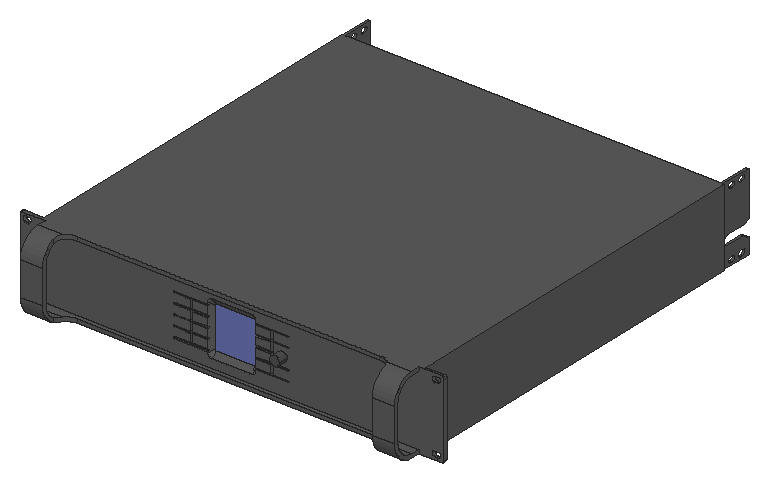
Revit family "PLM 5k44", category Communication Devices, Revit 2020 (continued)
Lines and regions (mm)
  model lines, style "LAGER_1"
    curve 89: line (-115.773, -3.2, 42.157) -> (-115.475, -3.2, 42.157)
    curve 90: line (-113.621, -3.2, 43.903) -> (-115.301, -3.2, 43.903)
    curve 91: line (-112.549, -3.2, 44.03) -> (-113.621, -3.2, 43.903)
    curve 92: line (-112.538, -3.2, 45.15) -> (-112.549, -3.2, 44.03)
    curve 93: line (-113.621, -3.2, 45.282) -> (-112.538, -3.2, 45.15)
    curve 94: line (-115.301, -3.2, 45.282) -> (-113.621, -3.2, 45.282)
    curve 95: line (-115.388, -3.2, 43.989) -> (-115.388, -3.2, 45.196)
    curve 96: line (-111.583, -3.2, 42.243) -> (-111.583, -3.2, 45.609)
    curve 97: line (-108.199, -3.2, 42.157) -> (-111.496, -3.2, 42.157)
    curve 98: line (-108.112, -3.2, 42.484) -> (-108.112, -3.2, 42.243)
    curve 99: line (-111.024, -3.2, 42.57) -> (-108.199, -3.2, 42.57)
    curve 100: line (-111.11, -3.2, 43.699) -> (-111.11, -3.2, 42.657)
    curve 101: line (-108.332, -3.2, 43.785) -> (-111.024, -3.2, 43.785)
    curve 102: line (-108.246, -3.2, 44.113) -> (-108.246, -3.2, 43.872)
    curve 103: line (-111.024, -3.2, 44.2) -> (-108.332, -3.2, 44.2)
    curve 104: line (-111.11, -3.2, 45.195) -> (-111.11, -3.2, 44.286)
    curve 105: line (-108.204, -3.2, 45.282) -> (-111.024, -3.2, 45.282)
    curve 106: line (-108.117, -3.2, 45.609) -> (-108.117, -3.2, 45.369)
    curve 107: line (-111.496, -3.2, 45.696) -> (-108.204, -3.2, 45.696)
    curve 108: line (-107.692, -3.2, 45.696) -> (-107.08, -3.2, 45.696)
    curve 109: line (-107.778, -3.2, 42.243) -> (-107.778, -3.2, 45.609)
    curve 110: line (-107.393, -3.2, 42.157) -> (-107.692, -3.2, 42.157)
    curve 111: line (-107.306, -3.2, 45.169) -> (-107.306, -3.2, 42.243)
    curve 112: line (-107.138, -3.2, 45.194) -> (-107.306, -3.2, 45.169)
    curve 113: line (-104.178, -3.2, 42.218) -> (-107.138, -3.2, 45.194)
    curve 114: line (-104.03, -3.2, 42.157) -> (-104.178, -3.2, 42.218)
    curve 115: line (-103.402, -3.2, 42.157) -> (-104.03, -3.2, 42.157)
    curve 116: line (-103.316, -3.2, 45.609) -> (-103.316, -3.2, 42.243)
    curve 117: line (-103.701, -3.2, 45.696) -> (-103.402, -3.2, 45.696)
    curve 118: line (-103.788, -3.2, 42.679) -> (-103.788, -3.2, 45.609)
    curve 119: line (-103.961, -3.2, 42.653) -> (-103.788, -3.2, 42.679)
    curve 120: line (-106.932, -3.2, 45.634) -> (-103.961, -3.2, 42.653)
    curve 121: line (-107.08, -3.2, 45.696) -> (-106.932, -3.2, 45.634)
    curve 122: line (-142.626, -3.2, 43.474) -> (-141.717, -3.2, 45.075)
    curve 123: line (-140.767, -3.2, 43.474) -> (-142.626, -3.2, 43.474)
    curve 124: line (-141.668, -3.2, 45.075) -> (-140.767, -3.2, 43.474)
    curve 125: line (-139.386, -3.2, 42.383) -> (-141.198, -3.2, 45.59)
    curve 126: line (-139.535, -3.2, 42.128) -> (-139.386, -3.2, 42.383)
    curve 127: line (-139.867, -3.2, 42.128) -> (-139.535, -3.2, 42.128)
    curve 128: line (-140.098, -3.2, 42.263) -> (-139.867, -3.2, 42.128)
    curve 129: line (-140.412, -3.2, 42.826) -> (-140.098, -3.2, 42.263)
    curve 130: line (-142.969, -3.2, 42.837) -> (-140.43, -3.2, 42.837)
    curve 131: line (-143.302, -3.2, 42.263) -> (-142.987, -3.2, 42.826)
    curve 132: line (-143.532, -3.2, 42.128) -> (-143.302, -3.2, 42.263)
    curve 133: line (-143.875, -3.2, 42.128) -> (-143.532, -3.2, 42.128)
    curve 134: line (-144.027, -3.2, 42.211) -> (-143.875, -3.2, 42.128)
    curve 135: line (-144.024, -3.2, 42.384) -> (-144.027, -3.2, 42.211)
    curve 136: line (-143.767, -3.2, 42.837) -> (-144.024, -3.2, 42.384)
    curve 137: line (-145.902, -3.2, 42.837) -> (-143.767, -3.2, 42.837)
    curve 138: line (-146.106, -3.2, 43.042) -> (-145.902, -3.2, 42.837)
    curve 139: line (-146.106, -3.2, 45.519) -> (-146.106, -3.2, 43.042)
    curve 140: line (-145.902, -3.2, 45.724) -> (-146.106, -3.2, 45.519)
    curve 141: line (-145.619, -3.2, 45.724) -> (-145.902, -3.2, 45.724)
    curve 142: line (-145.414, -3.2, 45.519) -> (-145.619, -3.2, 45.724)
    curve 143: line (-145.414, -3.2, 43.475) -> (-145.414, -3.2, 45.519)
    curve 144: line (-143.417, -3.2, 43.475) -> (-145.414, -3.2, 43.475)
    curve 145: line (-142.206, -3.2, 45.591) -> (-143.399, -3.2, 43.486)
    curve 146: line (-141.976, -3.2, 45.724) -> (-142.206, -3.2, 45.591)
    curve 147: line (-141.428, -3.2, 45.724) -> (-141.976, -3.2, 45.724)
    curve 148: line (-141.198, -3.2, 45.59) -> (-141.428, -3.2, 45.724)
    curve 149: line (-136.296, -3.2, 45.002) -> (-136.214, -3.2, 44.681)
    curve 150: line (-137.148, -3.2, 45.082) -> (-136.296, -3.2, 45.002)
    curve 151: line (-138.802, -3.2, 45.082) -> (-137.148, -3.2, 45.082)
    curve 152: line (-138.802, -3.2, 44.276) -> (-138.802, -3.2, 45.082)
    curve 153: line (-137.148, -3.2, 44.276) -> (-138.802, -3.2, 44.276)
    curve 154: line (-136.331, -3.2, 44.348) -> (-137.148, -3.2, 44.276)
    curve 155: line (-136.214, -3.2, 44.681) -> (-136.331, -3.2, 44.348)
    curve 156: line (-135.598, -3.2, 42.416) -> (-135.742, -3.2, 44.034)
    curve 157: line (-137.148, -3.2, 42.115) -> (-135.598, -3.2, 42.416)
    curve 158: line (-138.528, -3.2, 42.115) -> (-137.148, -3.2, 42.115)
    curve 159: line (-138.618, -3.2, 42.321) -> (-138.528, -3.2, 42.115)
    curve 160: line (-137.148, -3.2, 42.755) -> (-138.618, -3.2, 42.321)
    curve 161: line (-136.176, -3.2, 43.548) -> (-137.148, -3.2, 42.755)
    curve 162: line (-137.148, -3.2, 43.636) -> (-136.176, -3.2, 43.548)
    curve 163: line (-138.804, -3.2, 43.636) -> (-137.148, -3.2, 43.636)
    curve 164: line (-138.804, -3.2, 42.934) -> (-138.804, -3.2, 43.636)
    curve 165: line (-139.024, -3.2, 42.842) -> (-138.804, -3.2, 42.934)
    curve 166: line (-139.395, -3.2, 43.471) -> (-139.024, -3.2, 42.842)
    curve 167: line (-139.497, -3.2, 43.701) -> (-139.395, -3.2, 43.471)
    curve 168: line (-139.497, -3.2, 45.516) -> (-139.497, -3.2, 43.701)
    curve 169: line (-139.291, -3.2, 45.721) -> (-139.497, -3.2, 45.516)
    curve 170: line (-137.23, -3.2, 45.721) -> (-139.291, -3.2, 45.721)
    curve 171: line (-137.063, -3.2, 45.72) -> (-137.23, -3.2, 45.721)
    curve 172: line (-136.372, -3.2, 45.7) -> (-137.063, -3.2, 45.72)
    curve 173: line (-135.62, -3.2, 45.265) -> (-136.372, -3.2, 45.7)
    curve 174: line (-135.742, -3.2, 44.034) -> (-135.62, -3.2, 45.265)
  model lines, style "TRYCK"
    curve 175: line (33.323, -3.2, 59.341) -> (30.402, -3.2, 59.341)
    curve 176: line (30.402, -3.2, 63.304) -> (33.323, -3.2, 63.304)
    curve 177: line (33.323, -3.2, 47.912) -> (30.402, -3.2, 47.912)
    curve 178: line (30.402, -3.2, 51.874) -> (33.323, -3.2, 51.874)
    curve 179: line (33.323, -3.2, 36.481) -> (30.402, -3.2, 36.481)
    curve 180: line (30.402, -3.2, 40.444) -> (33.323, -3.2, 40.444)
    curve 181: line (33.323, -3.2, 25.051) -> (30.402, -3.2, 25.051)
    curve 182: line (30.402, -3.2, 29.014) -> (33.323, -3.2, 29.014)
    curve 183: line (-30.176, -3.2, 59.341) -> (-33.097, -3.2, 59.341)
    curve 184: line (-33.097, -3.2, 63.304) -> (-30.176, -3.2, 63.304)
    curve 185: line (-30.176, -3.2, 47.912) -> (-33.097, -3.2, 47.912)
    curve 186: line (-33.097, -3.2, 51.874) -> (-30.176, -3.2, 51.874)
    curve 187: line (-30.176, -3.2, 36.481) -> (-33.097, -3.2, 36.481)
    curve 188: line (-33.097, -3.2, 40.444) -> (-30.176, -3.2, 40.444)
    curve 189: line (-30.176, -3.2, 25.051) -> (-33.097, -3.2, 25.051)
    curve 190: line (-33.097, -3.2, 29.014) -> (-30.176, -3.2, 29.014)
    curve 191: line (49.748, -3.2, 9.12) -> (47.891, -3.2, 9.189)
    curve 192: line (48.406, -3.2, 9.035) -> (49.748, -3.2, 9.035)
    curve 193: line (48.848, -3.2, 8.424) -> (48.406, -3.2, 9.035)
    curve 194: line (49.2, -3.2, 8.706) -> (48.848, -3.2, 8.424)
    curve 195: line (49.724, -3.2, 8.706) -> (49.2, -3.2, 8.706)
    curve 196: line (47.891, -3.2, 9.189) -> (49.724, -3.2, 8.706)
    curve 197: line (48.421, -3.2, 9.458) -> (49.219, -3.2, 9.458)
    curve 198: line (49.219, -3.2, 9.458) -> (48.421, -3.2, 9.458)
    curve 199: line (44.324, -3.2, 9.44) -> (43.595, -3.2, 8.627)
    curve 200: line (44.153, -3.2, 9.635) -> (44.324, -3.2, 9.44)
    curve 201: line (43.656, -3.2, 9.635) -> (44.153, -3.2, 9.635)
    curve 202: line (45.195, -3.2, 10.208) -> (43.656, -3.2, 9.635)
    curve 203: line (45.321, -3.2, 8.6) -> (45.195, -3.2, 10.208)
    curve 204: line (45.433, -3.2, 8.038) -> (45.321, -3.2, 8.6)
    curve 205: line (44.876, -3.2, 7.946) -> (45.433, -3.2, 7.946)
    curve 206: line (44.83, -3.2, 8.261) -> (44.844, -3.2, 8.08)
    curve 207: line (43.595, -3.2, 8.627) -> (44.83, -3.2, 8.261)
    curve 208: line (44.751, -3.2, 8.604) -> (44.362, -3.2, 8.363)
    curve 209: line (44.812, -3.2, 8.929) -> (44.751, -3.2, 8.604)
    curve 210: line (44.812, -3.2, 9.169) -> (44.812, -3.2, 8.929)
    curve 211: line (44.575, -3.2, 9.063) -> (44.812, -3.2, 9.169)
    curve 212: line (44.116, -3.2, 8.6) -> (44.575, -3.2, 9.063)
    curve 213: line (44.362, -3.2, 8.363) -> (44.116, -3.2, 8.6)
    curve 214: line (106.569, -3.2, 43.955) -> (107.398, -3.2, 44.672)
    curve 215: line (104.504, -3.2, 43.955) -> (106.569, -3.2, 43.955)
    curve 216: line (104.504, -3.2, 45.295) -> (104.504, -3.2, 43.955)
    curve 217: line (106.796, -3.2, 45.295) -> (104.504, -3.2, 45.295)
    curve 218: line (107.27, -3.2, 45.156) -> (106.796, -3.2, 45.295)
    curve 219: line (107.398, -3.2, 44.672) -> (107.27, -3.2, 45.156)
    curve 220: line (106.834, -3.2, 45.631) -> (107.812, -3.2, 44.692)
    curve 221: line (104.102, -3.2, 45.631) -> (106.834, -3.2, 45.631)
    curve 222: line (104.102, -3.2, 42.335) -> (104.102, -3.2, 45.631)
    curve 223: line (104.504, -3.2, 42.335) -> (104.102, -3.2, 42.335)
    curve 224: line (104.504, -3.2, 43.625) -> (104.504, -3.2, 42.335)
    curve 225: line (106.81, -3.2, 43.625) -> (104.504, -3.2, 43.625)
    curve 226: line (107.617, -3.2, 43.857) -> (106.81, -3.2, 43.625)
    curve 227: line (107.772, -3.2, 44.193) -> (107.617, -3.2, 43.857)
    curve 228: line (107.812, -3.2, 44.692) -> (107.772, -3.2, 44.193)
    curve 229: line (111.51, -3.2, 42.665) -> (111.51, -3.2, 42.335)
    curve 230: line (108.907, -3.2, 42.665) -> (111.51, -3.2, 42.665)
    curve 231: line (108.907, -3.2, 45.631) -> (108.907, -3.2, 42.665)
    curve 232: line (108.505, -3.2, 45.631) -> (108.907, -3.2, 45.631)
    curve 233: line (108.505, -3.2, 42.335) -> (108.505, -3.2, 45.631)
    curve 234: line (111.51, -3.2, 42.335) -> (108.505, -3.2, 42.335)
    curve 235: line (114.852, -3.2, 42.335) -> (114.53, -3.2, 42.335)
    curve 236: line (116.908, -3.2, 45.295) -> (114.852, -3.2, 42.335)
    curve 237: line (116.908, -3.2, 42.335) -> (116.908, -3.2, 45.295)
    curve 238: line (117.31, -3.2, 42.335) -> (116.908, -3.2, 42.335)
    curve 239: line (117.31, -3.2, 45.631) -> (117.31, -3.2, 42.335)
    curve 240: line (116.665, -3.2, 45.631) -> (117.31, -3.2, 45.631)
    curve 241: line (114.694, -3.2, 42.803) -> (116.665, -3.2, 45.631)
    curve 242: line (112.73, -3.2, 45.631) -> (114.694, -3.2, 42.803)
    curve 243: line (112.074, -3.2, 45.631) -> (112.73, -3.2, 45.631)
    curve 244: line (112.074, -3.2, 42.335) -> (112.074, -3.2, 45.631)
    curve 245: line (112.476, -3.2, 42.335) -> (112.074, -3.2, 42.335)
    curve 246: line (112.476, -3.2, 45.295) -> (112.476, -3.2, 42.335)
    curve 247: line (114.53, -3.2, 42.335) -> (112.476, -3.2, 45.295)
    curve 248: line (125.246, -3.2, 45.032) -> (125.095, -3.2, 45.195)
    curve 249: line (125.297, -3.2, 44.677) -> (125.246, -3.2, 45.032)
    curve 250: line (125.7, -3.2, 44.677) -> (125.297, -3.2, 44.677)
    curve 251: line (124.429, -3.2, 45.656) -> (125.7, -3.2, 44.677)
    curve 252: line (122.516, -3.2, 45.513) -> (124.429, -3.2, 45.656)
    curve 253: line (123.006, -3.2, 43.851) -> (122.516, -3.2, 45.513)
    curve 254: line (123.889, -3.2, 43.823) -> (123.006, -3.2, 43.851)
    curve 255: line (124.644, -3.2, 43.823) -> (123.889, -3.2, 43.823)
    curve 256: line (125.24, -3.2, 42.867) -> (124.644, -3.2, 43.823)
    curve 257: line (124.759, -3.2, 42.699) -> (125.24, -3.2, 42.867)
    curve 258: line (123.251, -3.2, 42.672) -> (124.759, -3.2, 42.699)
    curve 259: line (122.731, -3.2, 42.75) -> (123.251, -3.2, 42.672)
    curve 260: line (122.489, -3.2, 42.936) -> (122.731, -3.2, 42.75)
    curve 261: line (122.442, -3.2, 43.326) -> (122.489, -3.2, 42.936)
    curve 262: line (122.04, -3.2, 43.399) -> (122.442, -3.2, 43.399)
    curve 263: line (122.203, -3.2, 42.641) -> (122.04, -3.2, 43.399)
    curve 264: line (123.316, -3.2, 42.315) -> (122.203, -3.2, 42.641)
    curve 265: line (123.871, -3.2, 42.307) -> (123.316, -3.2, 42.315)
    curve 266: line (124.133, -3.2, 42.307) -> (123.871, -3.2, 42.307)
    curve 267: line (125.688, -3.2, 42.767) -> (124.133, -3.2, 42.307)
    curve 268: line (125.588, -3.2, 43.913) -> (125.688, -3.2, 42.767)
    curve 269: line (125.075, -3.2, 44.137) -> (125.588, -3.2, 43.913)
    curve 270: line (124.599, -3.2, 44.176) -> (125.075, -3.2, 44.137)
    curve 271: line (124.239, -3.2, 44.181) -> (124.599, -3.2, 44.176)
    curve 272: line (123.464, -3.2, 44.181) -> (124.239, -3.2, 44.181)
    curve 273: line (123.104, -3.2, 44.181) -> (123.464, -3.2, 44.181)
    curve 274: line (122.705, -3.2, 45.187) -> (123.104, -3.2, 44.181)
    curve 275: line (123.883, -3.2, 45.317) -> (122.705, -3.2, 45.187)
    curve 276: line (124.721, -3.2, 45.282) -> (124.021, -3.2, 45.317)
    curve 277: line (125.095, -3.2, 45.195) -> (124.721, -3.2, 45.282)
    curve 278: line (126.96, -3.2, 44.203) -> (129.72, -3.2, 44.203)
    curve 279: line (126.96, -3.2, 45.295) -> (126.96, -3.2, 44.203)
    curve 280: line (129.824, -3.2, 45.295) -> (126.96, -3.2, 45.295)
    curve 281: line (129.824, -3.2, 45.631) -> (129.824, -3.2, 45.295)
    curve 282: line (126.557, -3.2, 45.631) -> (129.824, -3.2, 45.631)
    curve 283: line (126.557, -3.2, 42.335) -> (126.557, -3.2, 45.631)
    curve 284: line (129.859, -3.2, 42.335) -> (126.557, -3.2, 42.335)
    curve 285: line (129.859, -3.2, 42.665) -> (129.859, -3.2, 42.335)
    curve 286: line (126.96, -3.2, 42.665) -> (129.859, -3.2, 42.665)
    curve 287: line (126.96, -3.2, 43.873) -> (126.96, -3.2, 42.665)
    curve 288: line (129.72, -3.2, 43.873) -> (126.96, -3.2, 43.873)
    curve 289: line (129.72, -3.2, 44.203) -> (129.72, -3.2, 43.873)
    curve 290: line (133.848, -3.2, 44.135) -> (134.019, -3.2, 44.677)
    curve 291: line (133.244, -3.2, 43.999) -> (133.848, -3.2, 44.135)
    curve 292: line (131.037, -3.2, 43.999) -> (133.244, -3.2, 43.999)
    curve 293: line (131.037, -3.2, 45.295) -> (131.037, -3.2, 43.999)
    curve 294: line (133.234, -3.2, 45.295) -> (131.037, -3.2, 45.295)
    curve 295: line (134.019, -3.2, 44.677) -> (133.234, -3.2, 45.295)
    curve 296: line (133.316, -3.2, 45.631) -> (134.432, -3.2, 44.652)
    curve 297: line (130.634, -3.2, 45.631) -> (133.316, -3.2, 45.631)
    curve 298: line (130.634, -3.2, 42.335) -> (130.634, -3.2, 45.631)
    curve 299: line (131.037, -3.2, 42.335) -> (130.634, -3.2, 42.335)
    curve 300: line (131.037, -3.2, 43.669) -> (131.037, -3.2, 42.335)
    curve 301: line (133.28, -3.2, 43.669) -> (131.037, -3.2, 43.669)
    curve 302: line (133.975, -3.2, 43.066) -> (133.28, -3.2, 43.669)
    curve 303: line (133.975, -3.2, 42.335) -> (133.975, -3.2, 43.066)
    curve 304: line (134.372, -3.2, 42.335) -> (133.975, -3.2, 42.335)
    curve 305: line (134.372, -3.2, 43.229) -> (134.372, -3.2, 42.335)
    curve 306: line (134.216, -3.2, 43.651) -> (134.372, -3.2, 43.229)
    curve 307: line (133.73, -3.2, 43.812) -> (134.216, -3.2, 43.651)
    curve 308: line (134.432, -3.2, 44.652) -> (133.73, -3.2, 43.812)
    curve 309: line (135.613, -3.2, 45.631) -> (135.613, -3.2, 42.335)
    curve 310: line (135.211, -3.2, 45.631) -> (135.613, -3.2, 45.631)
    curve 311: line (135.211, -3.2, 42.335) -> (135.211, -3.2, 45.631)
    curve 312: line (135.613, -3.2, 42.335) -> (135.211, -3.2, 42.335)
    curve 313: line (136.919, -3.2, 44.203) -> (139.679, -3.2, 44.203)
    curve 314: line (136.919, -3.2, 45.295) -> (136.919, -3.2, 44.203)
    curve 315: line (139.783, -3.2, 45.295) -> (136.919, -3.2, 45.295)
    curve 316: line (139.783, -3.2, 45.631) -> (139.783, -3.2, 45.295)
    curve 317: line (136.517, -3.2, 45.631) -> (139.783, -3.2, 45.631)
    curve 318: line (136.517, -3.2, 42.335) -> (136.517, -3.2, 45.631)
    curve 319: line (139.818, -3.2, 42.335) -> (136.517, -3.2, 42.335)
    curve 320: line (139.818, -3.2, 42.665) -> (139.818, -3.2, 42.335)
    curve 321: line (136.919, -3.2, 42.665) -> (139.818, -3.2, 42.665)
    curve 322: line (136.919, -3.2, 43.873) -> (136.919, -3.2, 42.665)
    curve 323: line (139.679, -3.2, 43.873) -> (136.919, -3.2, 43.873)
    curve 324: line (139.679, -3.2, 44.203) -> (139.679, -3.2, 43.873)
    curve 325: line (143.791, -3.2, 44.677) -> (143.589, -3.2, 45.195)
    curve 326: line (144.193, -3.2, 44.677) -> (143.791, -3.2, 44.677)
    curve 327: line (142.923, -3.2, 45.656) -> (144.193, -3.2, 44.677)
    curve 328: line (141.009, -3.2, 45.513) -> (142.923, -3.2, 45.656)
    curve 329: line (141.5, -3.2, 43.851) -> (141.009, -3.2, 45.513)
    curve 330: line (142.383, -3.2, 43.823) -> (141.5, -3.2, 43.851)
    curve 331: line (143.138, -3.2, 43.823) -> (142.383, -3.2, 43.823)
    curve 332: line (143.697, -3.2, 43.727) -> (143.138, -3.2, 43.823)
    curve 333: line (143.734, -3.2, 42.867) -> (143.697, -3.2, 43.727)
    curve 334: line (141.745, -3.2, 42.672) -> (143.734, -3.2, 42.867)
    curve 335: line (141.224, -3.2, 42.75) -> (141.745, -3.2, 42.672)
    curve 336: line (140.982, -3.2, 42.936) -> (141.224, -3.2, 42.75)
    curve 337: line (140.936, -3.2, 43.326) -> (140.982, -3.2, 42.936)
    curve 338: line (140.533, -3.2, 43.399) -> (140.936, -3.2, 43.399)
    curve 339: line (141.81, -3.2, 42.315) -> (140.533, -3.2, 43.399)
    curve 340: line (142.365, -3.2, 42.307) -> (141.81, -3.2, 42.315)
    curve 341: line (142.627, -3.2, 42.307) -> (142.365, -3.2, 42.307)
    curve 342: line (143.32, -3.2, 42.337) -> (142.627, -3.2, 42.307)
    curve 343: line (144.182, -3.2, 42.767) -> (143.32, -3.2, 42.337)
    curve 344: line (143.568, -3.2, 44.137) -> (144.182, -3.2, 42.767)
    curve 345: line (143.092, -3.2, 44.176) -> (143.568, -3.2, 44.137)
    curve 346: line (142.733, -3.2, 44.181) -> (143.092, -3.2, 44.176)
    curve 347: line (141.958, -3.2, 44.181) -> (142.733, -3.2, 44.181)
    curve 348: line (141.598, -3.2, 44.181) -> (141.958, -3.2, 44.181)
    curve 349: line (140.997, -3.2, 44.997) -> (141.598, -3.2, 44.181)
    curve 350: line (141.198, -3.2, 45.187) -> (140.997, -3.2, 44.997)
    curve 351: line (142.376, -3.2, 45.317) -> (141.198, -3.2, 45.187)
    curve 352: line (143.214, -3.2, 45.282) -> (142.514, -3.2, 45.317)
    curve 353: line (143.589, -3.2, 45.195) -> (143.214, -3.2, 45.282)
    curve 354: line (-59.666, -3.2, 12.133) -> (-59.666, -3.2, 11.02)
    curve 355: line (-58.931, -3.2, 12.133) -> (-59.666, -3.2, 12.133)
    curve 356: line (-58.99, -3.2, 11.02) -> (-58.931, -3.2, 12.133)
    curve 357: line (-59.666, -3.2, 11.02) -> (-58.99, -3.2, 11.02)
    curve 358: line (-59.666, -3.2, 9.509) -> (-60.261, -3.2, 9.509)
    curve 359: line (-59.666, -3.2, 10.518) -> (-59.666, -3.2, 9.509)
    curve 360: line (-58.968, -3.2, 10.518) -> (-59.666, -3.2, 10.518)
    curve 361: line (-58.844, -3.2, 12.635) -> (-58.83, -3.2, 10.521)
    curve 362: line (-60.261, -3.2, 12.635) -> (-59, -3.2, 12.635)
    curve 363: line (-60.261, -3.2, 9.509) -> (-60.261, -3.2, 12.635)
    curve 364: line (-57.438, -3.2, 12.635) -> (-56.843, -3.2, 12.635)
    curve 365: line (-57.438, -3.2, 9.509) -> (-57.438, -3.2, 12.635)
    curve 366: line (-55.382, -3.2, 9.509) -> (-57.438, -3.2, 9.509)
    curve 367: line (-55.382, -3.2, 10.039) -> (-55.382, -3.2, 9.509)
    curve 368: line (-56.843, -3.2, 10.039) -> (-55.382, -3.2, 10.039)
    curve 369: line (-56.843, -3.2, 12.635) -> (-56.843, -3.2, 10.039)
    curve 370: line (-52.459, -3.2, 12.635) -> (-51.47, -3.2, 12.635)
    curve 371: line (-53.007, -3.2, 11.183) -> (-52.459, -3.2, 12.635)
    curve 372: line (-53.154, -3.2, 10.752) -> (-53.007, -3.2, 11.183)
    curve 373: line (-53.222, -3.2, 10.537) -> (-53.154, -3.2, 10.752)
    curve 374: line (-53.289, -3.2, 10.322) -> (-53.222, -3.2, 10.537)
    curve 375: line (-53.38, -3.2, 10.537) -> (-53.309, -3.2, 10.322)
    curve 376: line (-53.449, -3.2, 10.755) -> (-53.38, -3.2, 10.537)
    curve 377: line (-53.599, -3.2, 11.187) -> (-53.449, -3.2, 10.755)
    curve 378: line (-54.157, -3.2, 12.635) -> (-53.599, -3.2, 11.187)
    curve 379: line (-55.125, -3.2, 12.635) -> (-54.157, -3.2, 12.635)
    curve 380: line (-55.125, -3.2, 9.509) -> (-55.125, -3.2, 12.635)
    curve 381: line (-54.53, -3.2, 9.509) -> (-55.125, -3.2, 9.509)
    curve 382: line (-54.53, -3.2, 11.213) -> (-54.53, -3.2, 9.509)
    curve 383: line (-54.543, -3.2, 11.668) -> (-54.53, -3.2, 11.213)
    curve 384: line (-54.555, -3.2, 11.897) -> (-54.543, -3.2, 11.668)
    curve 385: line (-54.567, -3.2, 12.124) -> (-54.555, -3.2, 11.897)
    curve 386: line (-54.477, -3.2, 11.909) -> (-54.548, -3.2, 12.124)
    curve 387: line (-54.406, -3.2, 11.691) -> (-54.477, -3.2, 11.909)
    curve 388: line (-54.255, -3.2, 11.258) -> (-54.406, -3.2, 11.691)
    curve 389: line (-53.563, -3.2, 9.509) -> (-54.255, -3.2, 11.258)
    curve 390: line (-53.023, -3.2, 9.509) -> (-53.563, -3.2, 9.509)
    curve 391: line (-52.338, -3.2, 11.272) -> (-53.023, -3.2, 9.509)
    curve 392: line (-52.189, -3.2, 11.705) -> (-52.338, -3.2, 11.272)
    curve 393: line (-52.121, -3.2, 11.922) -> (-52.189, -3.2, 11.705)
    curve 394: line (-52.05, -3.2, 12.14) -> (-52.121, -3.2, 11.922)
    curve 395: line (-52.043, -3.2, 11.909) -> (-52.031, -3.2, 12.14)
    curve 396: line (-52.054, -3.2, 11.675) -> (-52.043, -3.2, 11.909)
    curve 397: line (-52.066, -3.2, 11.213) -> (-52.054, -3.2, 11.675)
    curve 398: line (-52.066, -3.2, 9.509) -> (-52.066, -3.2, 11.213)
    curve 399: line (-51.47, -3.2, 9.509) -> (-52.066, -3.2, 9.509)
    curve 400: line (-51.47, -3.2, 12.635) -> (-51.47, -3.2, 9.509)
    curve 401: line (-49.741, -3.2, 12.635) -> (-47.635, -3.2, 12.635)
    curve 402: line (-49.741, -3.2, 11.053) -> (-49.741, -3.2, 12.635)
    curve 403: line (-49.431, -3.2, 11.053) -> (-49.741, -3.2, 11.053)
    curve 404: line (-47.986, -3.2, 11.221) -> (-49.431, -3.2, 11.052)
    curve 405: line (-49.334, -3.2, 9.876) -> (-47.986, -3.2, 11.221)
    curve 406: line (-49.466, -3.2, 10.402) -> (-49.334, -3.2, 9.876)
    curve 407: line (-49.798, -3.2, 10.402) -> (-49.466, -3.2, 10.402)
    curve 408: line (-49.563, -3.2, 9.639) -> (-49.798, -3.2, 10.283)
    curve 409: line (-49.399, -3.2, 11.39) -> (-49.563, -3.2, 9.639)
    curve 410: line (-49.39, -3.2, 12.337) -> (-49.406, -3.2, 11.39)
    curve 411: line (-47.635, -3.2, 12.337) -> (-49.39, -3.2, 12.337)
    curve 412: line (-47.635, -3.2, 12.635) -> (-47.635, -3.2, 12.337)
    curve 413: line (-47.028, -3.2, 12.635) -> (-46.675, -3.2, 12.635)
    curve 414: line (-47.028, -3.2, 9.509) -> (-47.028, -3.2, 12.635)
    curve 415: line (-46.675, -3.2, 9.509) -> (-47.028, -3.2, 9.509)
    curve 416: line (-46.675, -3.2, 10.975) -> (-46.675, -3.2, 9.509)
    curve 417: line (-46.366, -3.2, 10.975) -> (-46.675, -3.2, 10.975)
    curve 418: line (-44.937, -3.2, 9.509) -> (-46.366, -3.2, 10.975)
    curve 419: line (-44.453, -3.2, 9.509) -> (-44.937, -3.2, 9.509)
    curve 420: line (-46.057, -3.2, 11.131) -> (-44.453, -3.2, 9.509)
    curve 421: line (-44.628, -3.2, 12.635) -> (-46.057, -3.2, 11.131)
    curve 422: line (-45.083, -3.2, 12.635) -> (-44.628, -3.2, 12.635)
    curve 423: line (-46.366, -3.2, 11.273) -> (-45.083, -3.2, 12.635)
    curve 424: line (-46.675, -3.2, 11.273) -> (-46.366, -3.2, 11.273)
    curve 425: line (-46.675, -3.2, 12.635) -> (-46.675, -3.2, 11.273)
    curve 426: line (-43.873, -3.2, 10.529) -> (-42.412, -3.2, 10.529)
    curve 427: line (-42.412, -3.2, 12.417) -> (-43.873, -3.2, 10.529)
    curve 428: line (-42.412, -3.2, 10.529) -> (-42.412, -3.2, 12.417)
    curve 429: line (-42.605, -3.2, 12.635) -> (-42.059, -3.2, 12.635)
    curve 430: line (-44.165, -3.2, 10.646) -> (-42.605, -3.2, 12.635)
    curve 431: line (-44.165, -3.2, 10.231) -> (-44.165, -3.2, 10.646)
    curve 432: line (-42.412, -3.2, 10.231) -> (-44.165, -3.2, 10.231)
    curve 433: line (-42.412, -3.2, 9.509) -> (-42.412, -3.2, 10.231)
    curve 434: line (-42.059, -3.2, 9.509) -> (-42.412, -3.2, 9.509)
    curve 435: line (-42.059, -3.2, 10.231) -> (-42.059, -3.2, 9.509)
    curve 436: line (-41.591, -3.2, 10.231) -> (-42.059, -3.2, 10.231)
    curve 437: line (-41.591, -3.2, 10.529) -> (-41.591, -3.2, 10.231)
    curve 438: line (-42.059, -3.2, 10.529) -> (-41.591, -3.2, 10.529)
    curve 439: line (-42.059, -3.2, 12.635) -> (-42.059, -3.2, 10.529)
    curve 440: line (-41.095, -3.2, 10.529) -> (-39.633, -3.2, 10.529)
    curve 441: line (-39.633, -3.2, 12.417) -> (-41.095, -3.2, 10.529)
    curve 442: line (-39.633, -3.2, 10.529) -> (-39.633, -3.2, 12.417)
    curve 443: line (-39.826, -3.2, 12.635) -> (-39.28, -3.2, 12.635)
    curve 444: line (-41.386, -3.2, 10.646) -> (-39.826, -3.2, 12.635)
    curve 445: line (-41.386, -3.2, 10.231) -> (-41.386, -3.2, 10.646)
    curve 446: line (-39.633, -3.2, 10.231) -> (-41.386, -3.2, 10.231)
    curve 447: line (-39.633, -3.2, 9.509) -> (-39.633, -3.2, 10.231)
    curve 448: line (-39.28, -3.2, 9.509) -> (-39.633, -3.2, 9.509)
    curve 449: line (-39.28, -3.2, 10.231) -> (-39.28, -3.2, 9.509)
    curve 450: line (-38.812, -3.2, 10.231) -> (-39.28, -3.2, 10.231)
    curve 451: line (-38.812, -3.2, 10.529) -> (-38.812, -3.2, 10.231)
    curve 452: line (-39.28, -3.2, 10.529) -> (-38.812, -3.2, 10.529)
    curve 453: line (-39.28, -3.2, 12.635) -> (-39.28, -3.2, 10.529)
    curve 454: line (45.911, -3.2, 13.062) -> (46.416, -3.2, 13.062)
    curve 455: line (46.416, -3.2, 13.062) -> (46.416, -3.2, 9.458)
    curve 456: line (46.416, -3.2, 9.458) -> (47.052, -3.2, 10.381)
    curve 457: line (47.052, -3.2, 10.381) -> (47.688, -3.2, 10.381)
    curve 458: line (47.688, -3.2, 10.381) -> (47.001, -3.2, 9.444)
    curve 459: line (47.001, -3.2, 9.444) -> (47.715, -3.2, 7.946)
    curve 460: line (47.715, -3.2, 7.946) -> (47.094, -3.2, 7.946)
    curve 461: line (47.094, -3.2, 7.946) -> (46.63, -3.2, 8.99)
    curve 462: line (46.63, -3.2, 8.99) -> (46.416, -3.2, 8.711)
    curve 463: line (46.416, -3.2, 8.711) -> (46.416, -3.2, 7.946)
    curve 464: line (46.416, -3.2, 7.946) -> (45.911, -3.2, 7.946)
    curve 465: line (45.911, -3.2, 7.946) -> (45.911, -3.2, 13.062)
    curve 466: line (42.621, -3.2, 13.072) -> (43.168, -3.2, 13.072)
    curve 467: line (43.168, -3.2, 13.072) -> (43.168, -3.2, 7.946)
    curve 468: line (43.168, -3.2, 7.946) -> (42.621, -3.2, 7.946)
    curve 469: line (42.621, -3.2, 7.946) -> (42.621, -3.2, 13.072)
    curve 470: line (41.898, -3.2, 15.727) -> (50.346, -3.2, 15.727)
    curve 471: line (50.346, -3.2, 15.727) -> (50.346, -3.2, 7.278)
    curve 472: line (50.346, -3.2, 7.278) -> (41.898, -3.2, 7.278)
    curve 473: line (41.898, -3.2, 7.278) -> (41.898, -3.2, 15.727)
    curve 474: line (118.374, -3.2, 44.279) -> (119.466, -3.2, 44.279)
    curve 475: line (119.466, -3.2, 44.279) -> (119.466, -3.2, 45.345)
    curve 476: line (119.466, -3.2, 45.345) -> (119.949, -3.2, 45.345)
    curve 477: line (119.949, -3.2, 45.345) -> (119.949, -3.2, 44.279)
    curve 478: line (119.949, -3.2, 44.279) -> (120.99, -3.2, 44.279)
    curve 479: line (120.99, -3.2, 44.279) -> (120.99, -3.2, 43.821)
    curve 480: line (120.99, -3.2, 43.821) -> (119.949, -3.2, 43.821)
    curve 481: line (119.949, -3.2, 43.821) -> (119.949, -3.2, 42.754)
    curve 482: line (119.949, -3.2, 42.754) -> (119.466, -3.2, 42.754)
    curve 483: line (119.466, -3.2, 42.754) -> (119.466, -3.2, 43.821)
    curve 484: line (119.466, -3.2, 43.821) -> (118.374, -3.2, 43.821)
  model lines, style "MEKANIK"
    curve 485: line (231.4, -3.2, 9.4) -> (234.4, -3.2, 9.4)
    curve 486: line (234.4, -3.2, 78.6) -> (231.4, -3.2, 78.6)
  model lines, style "0"
    curve 487: line (118.374, -3.2, 44.279) -> (118.374, -3.2, 43.821)
  model lines
    curve 488: line (-217.6, 0, 88) -> (217.6, 0, 88)
Dimensions and locks
  aligned and locked: level to plane 2
Connectors
  electrical at (-180.096, 425, 58.1)
    settings: on cut or joined group 1 (Extrusion 1, Extrusion 2, Extrusion 3, Extrusion 4, Extrusion 5, Extrusion 6, Extrusion 7, Extrusion 8, Extrusion 9, Extrusion 10, Extrusion 11, Extrusion 12, Extrusion 13, Extrusion 14, Extrusion 15, Extrusion 16, Extrusion 17, Extrusion 18, Extrusion 19, Extrusion 20, Blend 22, Extrusion 23, Extrusion 24), index 1, voltage 120 V, apparent load 0 VA, apparent load phase1 0 VA, apparent load phase2 0 VA, apparent load phase3 0 VA, power factor 1, load classification "Other", number of poles 1, system type 31, power factor state 1, is connector primary yes, connector utility no, sub classification motor no, connector description "100-240VAC IEC"
  electrical at (-140.5, 425, 57.85)
    settings: on cut or joined group of Extrusion 25, Extrusion 27, Extrusion 29, index 2, voltage 0 V, apparent load 0 VA, apparent load phase1 0 VA, apparent load phase2 0 VA, apparent load phase3 0 VA, power factor 1, load classification "Other", number of poles 1, system type 14, power factor state 1, is connector primary no, connector utility no, sub classification motor no, connector description "Speaker Out - Binding posts"
  electrical at (-102.469, 425, 57.818)
    settings: on Extrusion 42, index 3, voltage 0 V, apparent load 0 VA, apparent load phase1 0 VA, apparent load phase2 0 VA, apparent load phase3 0 VA, power factor 1, load classification "Other", number of poles 1, system type 14, power factor state 1, is connector primary no, connector utility no, sub classification motor no, connector description "Speaker Out - Binding posts"
  electrical at (-51.8, 425, 57.818)
    settings: on Extrusion 42, index 4, voltage 0 V, apparent load 0 VA, apparent load phase1 0 VA, apparent load phase2 0 VA, apparent load phase3 0 VA, power factor 1, load classification "Other", number of poles 1, system type 14, power factor state 1, is connector primary no, connector utility no, sub classification motor no, connector description "Speaker Out - Binding posts"
  electrical at (-13.7, 425, 57.85)
    settings: on Extrusion 43, index 5, voltage 0 V, apparent load 0 VA, apparent load phase1 0 VA, apparent load phase2 0 VA, apparent load phase3 0 VA, power factor 1, load classification "Other", number of poles 1, system type 14, power factor state 1, is connector primary no, connector utility no, sub classification motor no, connector description "Speaker Out - Binding posts"
  electrical at (-141, 425, 23.2)
    settings: on cut or joined group 1, index 6, voltage 0 V, apparent load 0 VA, apparent load phase1 0 VA, apparent load phase2 0 VA, apparent load phase3 0 VA, power factor 1, load classification "Other", number of poles 1, system type 14, power factor state 1, is connector primary no, connector utility no, sub classification motor no, connector description "Speaker Out - Speakon NL4"
  electrical at (-106, 425, 23.2)
    settings: on cut or joined group 1, index 7, voltage 0 V, apparent load 0 VA, apparent load phase1 0 VA, apparent load phase2 0 VA, apparent load phase3 0 VA, power factor 1, load classification "Other", number of poles 1, system type 14, power factor state 1, is connector primary no, connector utility no, sub classification motor no, connector description "Speaker Out - Speakon NL4"
  electrical at (-71, 425, 23.2)
    settings: on cut or joined group 1, index 8, voltage 0 V, apparent load 0 VA, apparent load phase1 0 VA, apparent load phase2 0 VA, apparent load phase3 0 VA, power factor 1, load classification "Other", number of poles 1, system type 14, power factor state 1, is connector primary no, connector utility no, sub classification motor no, connector description "Speaker Out - Speakon NL4"
  electrical at (-36, 425, 23.2)
    settings: on cut or joined group 1, index 9, voltage 0 V, apparent load 0 VA, apparent load phase1 0 VA, apparent load phase2 0 VA, apparent load phase3 0 VA, power factor 1, load classification "Other", number of poles 1, system type 14, power factor state 1, is connector primary no, connector utility no, sub classification motor no, connector description "Speaker Out - Speakon NL4"
  electrical at (6.9, 425, 20.967)
    settings: on cut or joined group 1, index 10, voltage 0 V, apparent load 0 VA, apparent load phase1 0 VA, apparent load phase2 0 VA, apparent load phase3 0 VA, power factor 1, load classification "Other", number of poles 1, system type 14, power factor state 1, is connector primary no, connector utility no, sub classification motor no, connector description "Network - RJ45 Ethercon"
  electrical at (31.9, 425, 20.967)
    settings: on cut or joined group 1, index 11, voltage 0 V, apparent load 0 VA, apparent load phase1 0 VA, apparent load phase2 0 VA, apparent load phase3 0 VA, power factor 1, load classification "Other", number of poles 1, system type 14, power factor state 1, is connector primary no, connector utility no, sub classification motor no, connector description "Network - RJ45 Ethercon"
  electrical at (56.896, 425, 34.63)
    settings: on cut or joined group 1, index 12, voltage 0 V, apparent load 0 VA, apparent load phase1 0 VA, apparent load phase2 0 VA, apparent load phase3 0 VA, power factor 1, load classification "Other", number of poles 1, system type 14, power factor state 1, is connector primary no, connector utility no, sub classification motor no, connector description "AES3 In - XLRF"
  electrical at (81.9, 425, 34.63)
    settings: on cut or joined group 1, index 13, voltage 0 V, apparent load 0 VA, apparent load phase1 0 VA, apparent load phase2 0 VA, apparent load phase3 0 VA, power factor 1, load classification "Other", number of poles 1, system type 14, power factor state 1, is connector primary no, connector utility no, sub classification motor no, connector description "AES3 In - XLRF"
  electrical at (112.31, 425, 34.63)
    settings: on cut or joined group 1, index 14, voltage 0 V, apparent load 0 VA, apparent load phase1 0 VA, apparent load phase2 0 VA, apparent load phase3 0 VA, power factor 1, load classification "Other", number of poles 1, system type 14, power factor state 1, is connector primary no, connector utility no, sub classification motor no, connector description "Analog In - XLRF"
  electrical at (138.352, 425, 34.63)
    settings: on cut or joined group 1, index 15, voltage 0 V, apparent load 0 VA, apparent load phase1 0 VA, apparent load phase2 0 VA, apparent load phase3 0 VA, power factor 1, load classification "Other", number of poles 1, system type 14, power factor state 1, is connector primary no, connector utility no, sub classification motor no, connector description "Analog In - XLRF"
  electrical at (164.497, 425, 34.63)
    settings: on cut or joined group 1, index 16, voltage 0 V, apparent load 0 VA, apparent load phase1 0 VA, apparent load phase2 0 VA, apparent load phase3 0 VA, power factor 1, load classification "Other", number of poles 1, system type 14, power factor state 1, is connector primary no, connector utility no, sub classification motor no, connector description "Analog In - XLRF"
  electrical at (190.606, 425, 34.63)
    settings: on cut or joined group 1, index 17, voltage 0 V, apparent load 0 VA, apparent load phase1 0 VA, apparent load phase2 0 VA, apparent load phase3 0 VA, power factor 1, load classification "Other", number of poles 1, system type 14, power factor state 1, is connector primary no, connector utility no, sub classification motor no, connector description "Analog In - XLRF"
